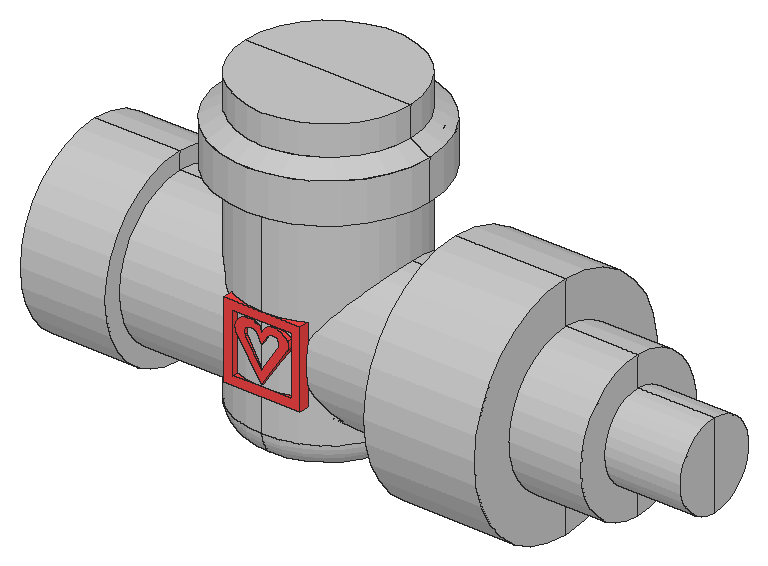
Revit family "Клапан для отключения радиатора HERZ-RL-5 с возможностью гидравлической настройки и слива, проходной 3923", category Rohrzubehör, Revit 2019
Family settings
  Bemaßung runder Anschluss = Durchmesser verwenden
  Teiletyp = Unterbricht
  OmniClass-Nummer = 23.65.55.14
  OmniClass-Titel = Valves for Liquid Services
  Arbeitsebenenbasiert = Nein
  Immer vertikal = Nein
  Beim Laden mit Abzugskörper schneiden = Nein
  Gemeinsam genutzt = Nein
Parameters
  Среда = "Качество воды в соответствии с ÖNORM H 5195 или директивой VDI 2035."
  Область применения = "Система водяного отопления. С помощью установки радиаторных запорных клапанов возможно осуществить перекрытие обратного потока нагревательных приборов. При одновременном перекрытии с клапаном на подающем трубопроводе возможен демонтаж радиатора в системе, которая находится под давлением. Промывку радиатора или ремонт помещения (оклеивание обоями, облицовку плиткой) можно проводить, не прерывая работу системы. С помощью клапана для отключения радиатора HERZ-RL-5 можно настроить расход воды, протекающей через радиатор, в соответствии с требуемой мощностью. Установка данного клапана особенно рекомендуется при монтаже термостатических клапанов без преднастройки, что способствует экономному расходу воды и поддержанию устойчивой работы системы.  При помощи клапана HERZ-RL-5 можно заполнить или опорожнить радиаторы или систему."
  Номер заказа [instance] = size_lookup("3923_5_", "Artnr", 0, Nennweite)  # 1392300
  Макс. рабочее давление = 1000000.0 Pa  # constant formula
  Макс. рабочая температура = 120 °C  # constant formula
  Корпус = "Никелированная латунь"  # constant formula
  Исполнение = "Все модели поставляются в никелированном исполнении, это универсальные модели со специальной муфтой для резьбовой трубы и компрессионных фитингов."
  W02 [instance] = 70.00°  # constant formula
  W01 = 120.00°  # constant formula
  URL = "www.herz-armaturen.ru"
  SCRNSEQ = "ARM;ARM_TYP=\"ALLF\";2"
  SCRNCODE = "05;01;02"  # constant formula
  S04 = 45.000 mm  # constant formula
  S03 = 61.000 mm  # constant formula
  S02 [instance] = L05 + L06 + L07  # 45.500 mm
  S01 = 10.000 mm  # constant formula
  R05 = 9.750 mm  # constant formula
  R04 = 12.000 mm  # constant formula
  R02 = 9.750 mm  # constant formula
  R01 = 11.000 mm  # constant formula
  Nennweite [instance] = 10.000 mm
  L07 [instance] = size_lookup("3923_5_", "L7", 1.000 mm, Nennweite)  # 17.500 mm
  L06 [instance] = size_lookup("3923_5_", "L6", 1.000 mm, Nennweite)  # 13.000 mm
  L05 [instance] = L02 - L04  # 15.000 mm
  L04 [instance] = size_lookup("3923_5_", "L4", 1.000 mm, Nennweite)  # 7.500 mm
  L03 [instance] = size_lookup("3923_5_", "L3", 1.000 mm, Nennweite)  # 10.000 mm
  L02 [instance] = size_lookup("3923_5_", "L2", 1.000 mm, Nennweite)  # 22.500 mm
  L01 [instance] = size_lookup("3923_5_", "L1", 1.000 mm, Nennweite)  # 27.500 mm
  Hersteller = "HERZ Armaturen Ges.m.b.H"  # constant formula
  H06 = 3.500 mm  # constant formula
  H05 = 9.500 mm  # constant formula
  H04 [instance] = H02 - H03  # 16.000 mm
  H03 = 5.000 mm  # constant formula
  H02 [instance] = 21.000 mm  # constant formula
  H01 [instance] = size_lookup("3923_5_", "H1", 1.000 mm, Nennweite)  # 14.000 mm
  GTI [instance] = size_lookup("3923_5_", "GT1", 1.000 mm, Nennweite)  # 9.000 mm
  GT [instance] = size_lookup("3923_5_", "GT", 1.000 mm, Nennweite)  # 9.500 mm
  G2 [instance] = Nennweite / 2  # 5.000 mm
  G1 [instance] = Nennweite / 2  # 5.000 mm
  D05 [instance] = size_lookup("3923_5_", "D5", 1.000 mm, Nennweite)  # 8.500 mm
  D04 [instance] = size_lookup("3923_5_", "D4", 1.000 mm, Nennweite)  # 13.500 mm
  D03 [instance] = size_lookup("3923_5_", "D3", 1.000 mm, Nennweite)  # 7.940 mm
  D02 [instance] = size_lookup("3923_5_", "D2", 1.000 mm, Nennweite)  # 9.000 mm
  D01 [instance] = size_lookup("3923_5_", "D1", 1.000 mm, Nennweite)  # 11.000 mm
Reference planes
  plane 1 "Mitte (Vorne/hinten)": y = 0
  plane 2: z = 0
  plane 3 "Mitte (Links/rechts)": x = 0
Forms (mm)
  Revolve 1, solid, material "Messing, vernickelt", detail levels fine
    sketch origin (0, 0, 0) x (1, 0, 0) y (0, 0, 1)
      loop
        line (-18, 0) -> (22.5, 0) -> (22.5, 7.94) -> (15, 7.94) -> (15, 9) -> (-17.5, 9) -> (-17.5, 11) -> (-27.5, 11) -> (-27.5, 5) -> (-18, 5) -> (-18, 0)
      axis (-27.5, 0) -> (22.5, 0)
    angle from 0 to 360
  Revolve 2, solid, material "Messing, vernickelt", detail levels fine
    sketch origin (0, 0, 0) x (0, 1, 0) y (0, 0, 1)
      loop
        line (0, 21) -> (-11, 21) -> (-11, 16) -> (-9.75, 16) -> (-9.75, -8.456)
        arc (-9.75, -8.456) -> (-9.408, -9.847) -> (-8.46, -10.921) r 3
        line (-8.46, -10.921) -> (0, -14) -> (0, 21)
      axis (0, -14) -> (0, 21)
    angle from 0 to 360
  Revolve 3, solid, material "Messing, vernickelt", detail levels fine
    sketch origin (0, 0, 0) x (1, 0, 0) y (0, 0, 1)
      loop
        line (22.5, 0) -> (45.5, 0) -> (45.5, 5) -> (36.5, 5) -> (36.5, 8.5) -> (28, 8.5) -> (28, 13.5) -> (15, 13.5) -> (15, 7.94) -> (22.5, 7.94) -> (22.5, 0)
      axis (15, 0) -> (45.5, 0)
    angle from 0 to 360
  Revolve 4, solid, material "Messing, vernickelt", detail levels fine
    sketch origin (0, 0, 9) x (1, 0, 0) y (0, 0, 1)
      loop
        line (0, 7) -> (12, 7) -> (12, 11.701) -> (9.75, 13) -> (9.75, 16.5) -> (0, 16.5) -> (0, 7)
      axis (0, 16.5) -> (0, 7)
    angle from 0 to 360
Lines and regions (mm)
  model lines, detail levels coarse+medium
    curve 1: line (-27.5, 0, 11) -> (-27.5, 0, -11)
    curve 2: line (-27.5, 0, -11) -> (27.5, 0, 11)
    curve 3: line (27.5, 0, 11) -> (27.5, 0, -11)
    curve 4: line (27.5, 0, -11) -> (-27.5, 0, 11)
    curve 5: line (27.5, 0, 11) -> (37.5, 0, 11)
    curve 6: line (37.5, 0, 11) -> (27.5, 0, 0)
    curve 7: line (27.5, 0, -11) -> (37.5, 0, -11)
    curve 8: line (37.5, 0, -11) -> (27.5, 0, 0)
    curve 9: line (27.5, 0, 0) -> (45.5, 0, 0)
    curve 10: line (-27.5, 11, 0) -> (-27.5, -11, 0)
    curve 11: line (-27.5, -11, 0) -> (27.5, 11, 0)
    curve 12: line (27.5, 11, 0) -> (27.5, -11, 0)
    curve 13: line (27.5, -11, 0) -> (-27.5, 11, 0)
    curve 14: line (27.5, 11, 0) -> (37.5, 11, 0)
    curve 15: line (37.5, 11, 0) -> (27.5, 0, 0)
    curve 16: line (27.5, -11, 0) -> (37.5, -11, 0)
    curve 17: line (37.5, -11, 0) -> (27.5, 0, 0)
Dimensions and locks
  "L01": Revolve 1 sketch curve to plane 3 "Mitte (Links/rechts)"
  "L02": Revolve 1 sketch curve to plane 3 "Mitte (Links/rechts)"
  "G1": Revolve 1 sketch curve to plane 2
  "GT": Revolve 1 sketch curve to Revolve 1 sketch curve
  "D01": Revolve 1 sketch curve to Revolve 1 sketch curve
  "D02": Revolve 1 sketch curve to Revolve 1 sketch curve
  "D03": Revolve 1 sketch curve to Revolve 1 sketch curve
  "L03": Revolve 1 sketch curve to Revolve 1 sketch curve
  "L04": Revolve 1 sketch curve to Revolve 1 sketch curve
  "H02": Revolve 2 sketch curve to plane 2
  "R01": Revolve 2 sketch curve to plane 1 "Mitte (Vorne/hinten)"
  "D03": Revolve 3 sketch curve to plane 2
  "L04": Revolve 3 sketch curve to Revolve 3 sketch curve
  "L05": Revolve 3 sketch curve to plane 3 "Mitte (Links/rechts)"
  "L06": Revolve 3 sketch curve to Revolve 3 sketch curve
  "L07": Revolve 3 sketch curve to Revolve 3 sketch curve
  "D04": Revolve 3 sketch curve to Revolve 3 sketch curve
  "G2": Revolve 3 sketch curve to Revolve 3 sketch curve
  "D05": Revolve 3 sketch curve to Revolve 3 sketch curve
  "GTI": Revolve 3 sketch curve to Revolve 3 sketch curve
  "D01": curve 4 to plane 2 to curve 2
  "D01": curve 3 to plane 2 to curve 4
  "L01": curve 1 to plane 3 "Mitte (Links/rechts)" to curve 3
  "S01": curve 3 to curve 6
  "S02": curve 9 to plane 3 "Mitte (Links/rechts)"
  "L01": curve 10 to plane 3 "Mitte (Links/rechts)" to curve 12
  "D01": curve 11 to plane 1 "Mitte (Vorne/hinten)" to curve 13
  "D01": curve 13 to plane 1 "Mitte (Vorne/hinten)" to curve 12
  "S01": curve 12 to curve 15
  "S01": curve 12 to curve 17
  "H03": Revolve 2 sketch curve to Revolve 2 sketch curve
  "R02": Revolve 2 sketch curve to Revolve 2 sketch curve
  "H05": Revolve 4 sketch curve to Revolve 4 sketch curve
  "R05": Revolve 4 sketch curve to Revolve 4 sketch curve
  "R04": Revolve 4 sketch curve to Revolve 4 sketch curve
  "H06": Revolve 4 sketch curve to Revolve 4 sketch curve
  "H04": Revolve 4 sketch curve to plane 2
  "D02": nested 1 to plane 1 "Mitte (Vorne/hinten)"
  "H01": plane 2 to Revolve 2 sketch curve
  "W01": angle Revolve 4 sketch curve to Revolve 4 sketch curve
  "W02": angle Revolve 2 sketch curve to Revolve 2 sketch curve
  aligned and locked: level to plane 2
Automatic sketch dimensions
  curve 9 to level = 0.000 mm
  curve 3 to curve 8 = 10.000 mm
  plane 1 "Mitte (Vorne/hinten)" to curve 17 = 0.000 mm
  Revolve 1 sketch curve to level = 0.000 mm  (x2)
  Revolve 1 sketch curve to Revolve 1 sketch curve = 1436.530 mm
  Revolve 1 sketch curve to Revolve 1 sketch curve = 1779.148 mm
  Revolve 2 sketch curve to plane 1 "Mitte (Vorne/hinten)" = 0.000 mm  (x2)
  Revolve 2 sketch curve to Revolve 2 sketch curve = 1.290 mm
  Revolve 2 sketch curve to Revolve 2 sketch curve = 1.710 mm
  Revolve 2 sketch curve to Revolve 2 sketch curve = 98.333 mm
  Revolve 2 sketch curve to Revolve 2 sketch curve = 1236.335 mm
  Revolve 3 sketch curve to level = 0.000 mm  (x2)
  Revolve 3 sketch curve to plane 3 "Mitte (Links/rechts)" = 1506.530 mm
  Revolve 3 sketch curve to Revolve 3 sketch curve = 1789.648 mm
  Revolve 4 sketch curve to plane 3 "Mitte (Links/rechts)" = 0.000 mm  (x2)
  Revolve 4 sketch curve to level = 357.045 mm
  Revolve 4 sketch curve to Revolve 4 sketch curve = 2188.615 mm
Nested families
  nested 1: "Herz-Logo-vorne" at (0, -9, 0) x (0, 1, 0) z (0, 0, 1), type "Herz-Logo-vorne", detail levels fine
Connectors
  piping at (-18, 0, 0), diameter 10, driven by "Nennweite"
    settings: on Revolve 1, index 1, connector inside diameter 609.6 mm, connector length 0.000 mm, flow factor 0, pipe flow 0.0 L/s, pressure drop 0.0 Pa, fitting loss kfactor 0, connector angle 0.00°, fixture units 0, engagement length 0.000 mm, angle of deflection 0.00°, flow configuration 0, flow direction 1, fitting loss method 0, system type 8, joint type 0, gender type 0, connector reference index -1, connector utility 0, adjustable connector no, is connector primary yes, connector description ""
  piping at (45.5, 0, 0), diameter 10, driven by "Nennweite"
    settings: on Revolve 3, index 2, connector inside diameter 609.6 mm, connector length 0.000 mm, flow factor 0, pipe flow 0.0 L/s, pressure drop 0.0 Pa, fitting loss kfactor 0, connector angle 0.00°, fixture units 0, engagement length 0.000 mm, angle of deflection 0.00°, flow configuration 0, flow direction 2, fitting loss method 0, system type 8, joint type 0, gender type 0, connector reference index -1, connector utility 0, adjustable connector no, is connector primary no, connector description ""
Definition of nested family "Herz-Logo-vorne"
  Reference planes
    plane 1 "Mitte (Vorne/hinten)": y = 0
    plane 2: z = 0
    plane 3 "Mitte (Links/rechts)": x = 0
  Forms (mm)
    Extrusion 1, solid
      sketch origin (0.732, -0.018, 0.017) x (0, -1, 0) y (0, 0, 1)
        loop
          line (-0.018, -4.517) -> (4.482, -4.517) -> (4.482, 4.483) -> (-4.518, 4.483) -> (-4.518, -4.517) -> (-0.018, -4.517)
        loop
          line (-0.05, -3.48) -> (3.482, -3.48) -> (3.482, 3.483) -> (-3.518, 3.483) -> (-3.518, -3.48) -> (-0.05, -3.48)
        loop
          arc (-0.018, 2.383) -> (-1.543, 3.287) -> (-3.067, 2.383) r 1.738
          arc (-3.067, 2.383) -> (-3.191, 1.899) -> (-3.067, 1.415) r 1.009
          line (-3.067, 1.415) -> (-0.018, -3.281) -> (3.032, 1.415)
          arc (3.032, 1.415) -> (3.156, 1.899) -> (3.032, 2.383) r 1.009
          arc (3.032, 2.383) -> (1.507, 3.287) -> (-0.018, 2.383) r 1.738
        loop
          arc (1.885, 1.272) -> (2.005, 1.675) -> (1.885, 2.079) r 0.74
          arc (1.885, 2.079) -> (1.265, 2.416) -> (0.644, 2.079) r 0.74
          line (0.644, 2.079) -> (-0.018, 0.97) -> (-0.679, 2.079)
          arc (-0.679, 2.079) -> (-1.3, 2.416) -> (-1.921, 2.079) r 0.74
          arc (-1.921, 2.079) -> (-2.04, 1.675) -> (-1.921, 1.272) r 0.74
          line (-1.921, 1.272) -> (-0.018, -1.658) -> (1.885, 1.272)
      from 0 to 1.5
  Dimensions and locks
    aligned and locked: level to plane 2
